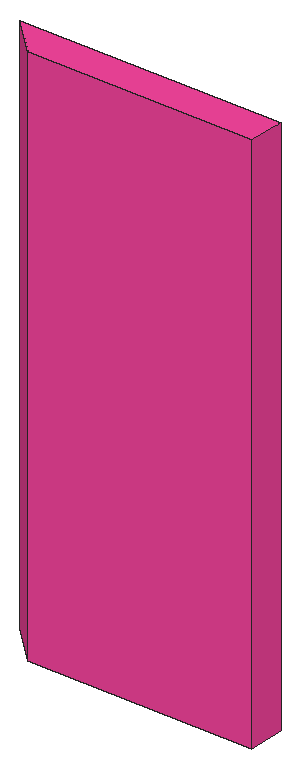
Revit family "EXP_WT-1C_CPan-004", category Curtain Panels, Revit 2021
Family settings
  OmniClass Number = 23.25.20.14.11.11.17
  OmniClass Title = Infill Panels
  Always vertical = Yes
  Cut with Voids When Loaded = No
  Shared = No
Parameters
  UI-UnitNumber [instance] = "001"
  UI-Quadrant [instance] = "SE"
  UI-ProjectAbbreviation = "NEU"
  UI-ItemCategory = "PID"
  UI-FloorNumber [instance] = "03"
  PNT-WallType = "WT1C"
  PNT-ProjectAbbreviation = "NEU"
  PNT-PanelType [instance] = "01"
  PNT-ItemCategory = "PNL"
  GlassH1 [instance] = MP-F(Glass)
  Define Thermal Properties by = Schematic Type
  CellSp = 0' - 10 3/16"
  CellL [instance] = 6' - 2"
  CellH1 [instance] = CellH  # 12' - 11"
  CellH [instance] = 12' - 11"
  CellAngle [instance] = 45.00°
  Analytic Construction = "<None>"
Reference planes (in)
  plane 1 "Center (Front/Back)": y = 0
  plane 2: z = 0
  plane 3 "Center (Left/Right)": x = 0
  plane 4 "Left": x = -37
  plane 5 "Right": x = 37
  plane 6 "Top": z = 155
  plane 7: y = -10.1875
Forms (in)
  Extrusion 1, solid, material "MP-F(Glass)" <- "GlassH1"
    sketch origin (0, 0, 0) x (1, 0, 0) y (0, 1, 0)
      loop
        line (37, 0) -> (-37, 0) -> (-26.8125, -10.1875) -> (37, -10.1875) -> (37, 0)
    from 0 to 155
Lines and regions (in)
  reference lines
    curve 1: line (-37, 0, 0) -> (-2.35177, -34.64823, 0)
Text (in)
  text "Exterior" at (-92.59733, 55.75508, 0), in view "Ref. Level"
  text "Exterior" at (0, 90.18664, 173.49264), in view "Left"
  text "Exterior" at (0, 52.29083, 162.21847), in view "Right"
Dimensions and locks (in)
  equal spacing: plane 4 "Left", plane 3 "Center (Left/Right)", plane 5 "Right"  (x2)
  "CellL": plane 4 "Left" to plane 5 "Right"
  "CellH": plane 2 to plane 6 "Top"
  "CellSp": plane 7 to plane 1 "Center (Front/Back)"
  "CellAngle": angle curve 1 to plane 1 "Center (Front/Back)"
  aligned and locked: level to plane 2
  aligned and locked: Extrusion 1 sketch curve to plane 1 "Center (Front/Back)"
  aligned and locked: Extrusion 1 sketch curve to plane 7
  aligned and locked: Extrusion 1 sketch curve to curve 1
  aligned and locked: Extrusion 1 sketch curve to plane 5 "Right"
  aligned and locked: Extrusion 1 to plane 2
  aligned and locked: Extrusion 1 to plane 6 "Top"
  aligned and locked: plane 1 "Center (Front/Back)" to nested 1
  aligned and locked: plane 5 "Right" to nested 1
  aligned and locked: plane 4 "Left" to nested 1
  aligned and locked: plane 2 to curve 1
  aligned and locked: nested 1 to plane 6 "Top"
Automatic sketch dimensions
  plane 1 "Center (Front/Back)" to curve 1 = 0' - 0"
  curve 1 to plane 4 "Left" = 0' - 0"
Nested families (in)
  nested 1: "EXP_xx_DetO-002" at (0, 0, 0), CellH <- "CellH", CellL <- "CellL", type "EXP_xx_DetO-002", detail levels coarse
    with CellL 6' - 2", CellH 12' - 11"
Definition of nested family "EXP_xx_DetO-002"
  Parameters (values of type "EXP_xx_DetO-002")
    Default Elevation = 0' - 0"
    CellL [instance] = 5' - 4.56693"
    CellH [instance] = 5' - 2.99213"
  Reference planes (in)
    plane 1 "Center (Front/Back)": y = 0
    plane 2: z = 0
    plane 3 "Center (Left/Right)": x = 0
    plane 4: x = -32.28346
    plane 5: x = 32.28346
    plane 6: z = 62.99213
  Lines and regions (in)
    model lines
      curve 1: line (-32.28346, 0, 62.99213) -> (32.28346, 0, 0)
      curve 2: line (32.28346, 0, 62.99213) -> (-32.28346, 0, 0)
  Dimensions and locks (in)
    "CellH": plane 6 to level
    equal spacing: plane 4, plane 3 "Center (Left/Right)", plane 5
    "CellL": plane 4 to plane 5
    aligned and locked: level to plane 2
  Automatic sketch dimensions
    curve 2 to level = 0' - 0"
    plane 4 to curve 2 = 0' - 0"
    plane 4 to curve 1 = 0' - 0"
    plane 5 to curve 2 = 0' - 0"
    curve 1 to level = 0' - 0"
    plane 5 to curve 1 = 0' - 0"
    curve 2 to plane 6 = 0' - 0"
    curve 1 to plane 6 = 0' - 0"
